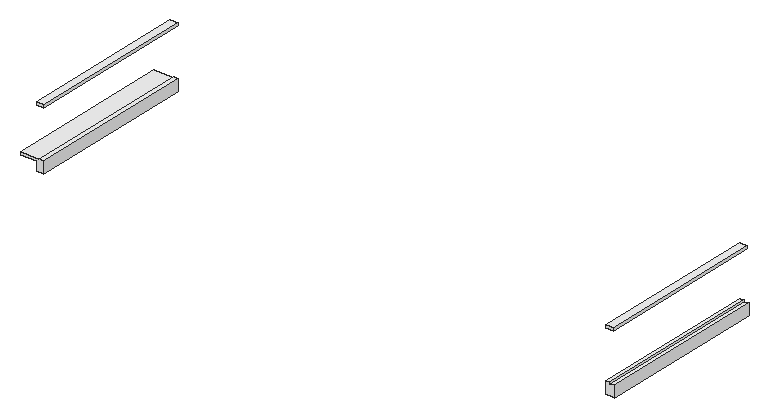
Revit family "CT_Bloco_G_Perfil", category Structural Framing, Revit 2025
Family settings
  Display in Hidden Views = Edges Hidden by Other Members
  Structural Framing Length Roundoff = 0.000 m
  Section Shape = Not Defined
  Material for Model Behavior = Concrete
  Always export as geometry = No
  Work Plane-Based = No
  Always vertical = Yes
  Cut with Voids When Loaded = Yes
  Symbolic Representation = From Family
  Shared = No
  Show family pre-cut in plan views = Yes
Parameters
  Structural Material [instance] = CT_Concreto
  Material_Viga_Janela [instance] = CT_Concreto
  Comprimento [instance] = 7.500 m
Reference planes (m)
  plane 1 "Centro (Frente/Trás)": y = 0
  plane 2: z = 0
  plane 3 "Centro (Esquerda/Direita)": x = 0
  plane 4: x = -15.9999
  plane 5: x = 9.1749
  plane 6: x = -5.2749
  plane 7: x = -2.2249
  plane 8: z = 4.76
  plane 9: z = 9.16
Forms (m)
  Extrusion 1, solid, material "CT_Concreto" <- "Structural Material"
    sketch origin (0, 0, 0.06) x (1, 0, 0) y (0, 0, 1)
      loop
        line (-15.9999, 4.7) -> (-16.1999, 4.7) -> (-16.1999, 4.65) -> (-17.0749, 4.65) -> (-17.0749, 4.55) -> (-16.3499, 4.55) -> (-16.3499, 4.19) -> (-16.3499, 4.15) -> (-15.9999, 4.15) -> (-15.9999, 4.7)
      loop
        line (9.5749, 4.15) -> (9.5749, 4.65) -> (9.3749, 4.65) -> (9.3749, 4.7) -> (9.1749, 4.7) -> (9.1749, 4.15) -> (9.5749, 4.15)
    from 0 to 7.5
  Extrusion 2, solid, material "CT_Concreto" <- "Material_Viga_Janela"
    sketch origin (0, 0, 0.06) x (1, 0, 0) y (0, 0, 1)
      loop
        line (-15.9999, 6.92) -> (-16.3499, 6.92) -> (-16.3499, 6.82) -> (-15.9999, 6.82) -> (-15.9999, 6.92)
      loop
        line (9.5249, 6.92) -> (9.1749, 6.92) -> (9.1749, 6.82) -> (9.5249, 6.82) -> (9.5249, 6.92)
    from 0 to 7.5
Dimensions and locks (m)
  "Comprimento": Extrusion 1 to Extrusion 1
  locked: plane 5 to plane 4 at 25.1748
  locked: plane 8 to level at 4.76
  locked: plane 9 to plane 8 at 4.4
  aligned and locked: level to plane 2
  aligned and locked: Extrusion 2 to Extrusion 1  (x3)
  aligned and locked: Extrusion 1 to Extrusion 2
Automatic sketch dimensions
  level to Extrusion 1 sketch curve = 4.610 m
  Extrusion 1 sketch curve to plane 3 "Centro (Esquerda/Direita)" = 17.0749 m
  Extrusion 1 sketch curve to Extrusion 1 sketch curve = 0.725 m
  Extrusion 1 sketch curve to Extrusion 1 sketch curve = 0.150 m
  Extrusion 1 sketch curve to Extrusion 1 sketch curve = 0.200 m  (x2)
  plane 3 "Centro (Esquerda/Direita)" to Extrusion 1 sketch curve = 9.1749 m
  Extrusion 1 sketch curve to Extrusion 1 sketch curve = 0.400 m
  Extrusion 1 sketch curve to Extrusion 1 sketch curve = 0.360 m
  level to Extrusion 1 sketch curve = 4.210 m
  Extrusion 1 sketch curve to Extrusion 1 sketch curve = 0.040 m
  Extrusion 1 sketch curve to Extrusion 1 sketch curve = 0.100 m
  Extrusion 1 sketch curve to Extrusion 1 sketch curve = 0.500 m
  Extrusion 1 sketch curve to Extrusion 1 sketch curve = 0.050 m  (x2)
  Extrusion 2 sketch curve to Extrusion 2 sketch curve = 0.350 m  (x2)
  Extrusion 2 sketch curve to Extrusion 2 sketch curve = 0.100 m  (x2)
  level to Extrusion 2 sketch curve = 6.980 m
  Extrusion 2 sketch curve to plane 3 "Centro (Esquerda/Direita)" = 15.9999 m
  plane 3 "Centro (Esquerda/Direita)" to Extrusion 2 sketch curve = 9.1749 m
  level to Extrusion 2 sketch curve = 6.880 m
